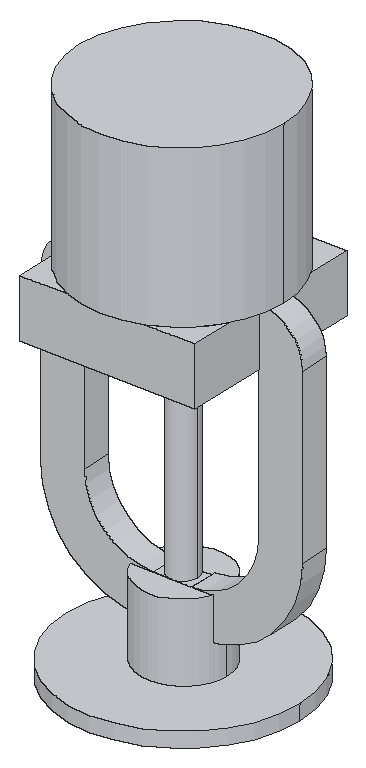
Revit family
Parameters (values of type "RASCO F1FR56-300 PENDENT")
  Temperature Rating = 286 °F
  Response = 1
  RASCO SIN # = "RA2614"
  RASCO Part # = "F1FR56P3B3"
  Pressure Rating = "300 PSI"
  Pressure Class = 1
  Orifice Size = 1/2"
  Orifice = (empty or 0)
  Model = "F1FR56-300"
  Manufacturer = "RASCO"
  K-Factor = 5.6
  Description = "Bronze Finish"
  Coverage = (empty or 0)
Reference planes (in)
  plane 1 "Center (Front/Back)": y = 0
  plane 2: z = 0
  plane 3 "Center (Left/Right)": x = 0
Dimensions and locks (in)
  aligned and locked: plane 2 to level
Nested families (in)
  nested 1: "F1FR56P3B3" at (-0.0113, 0, 2.4375) x (-1, 0, 0) z (0, 0, -1), type "RASCO F1FR56-300 PENDENT"
Connectors (in)
  piping at (-0.0113, 0, 2.4375)
    settings: on nested 1, index 1, connector radius 115/256", flow factor 0, pipe flow 0 GPM, pressure drop 0.00 psi, fitting loss kfactor 0, connector angle 0.00°, fixture units 0, flow configuration 0, flow direction 0, fitting loss method 0, system type 7, connector reference index -1, connector utility 0, adjustable connector no, is connector primary yes, fitting loss table "", connector description ""
Definition of nested family "F1FR56P3B3"
  Parameters (values of type "RASCO F1FR56-300 PENDENT")
    Type Comments = ""
    Temperature Rating = 0 °F
    Response = (empty or 0)
    Pressure Rating = "0"
    Pressure Class = (empty or 0)
    Orifice Size = 0"
    Orifice = (empty or 0)
    Model = ""
    Manufacturer = ""
    K-Factor = 0
    Description = ""
    Coverage = (empty or 0)
    Assembly Code = ""
  Reference planes (in)
    plane 1 "Center (Front/Back)": y = 0
    plane 2: z = 0
    plane 3 "ref.2": z = 0.6875
    plane 4 "ref.3": z = 0.9375
    plane 5: x = -0.38065
    plane 6: x = 0.36935
    plane 7 "ref. side 1": y = 0.06402
    plane 8 "ref. side 2": y = -0.06098
    plane 9 "ref.4": z = 1.875
    plane 10 "ref.5": z = 2.3125
    plane 11 "ref.6": z = 2.4375
  Forms (in)
    Extrusion 1, solid
      sketch origin (0, 0, 0) x (1, 0, 0) y (0, 1, 0)
        loop
          circle (0, 0) r 0.4379
      from 0 to 0.6875
    Extrusion 2, solid
      sketch origin (-0.12185, 0.05177, 0.6875) x (1, 0, 0) y (0, 1, 0)
        loop
          line (-0.2588, 0.356) -> (-0.2588, -0.4565) -> (0.4912, -0.4565) -> (0.4912, 0.356) -> (-0.2588, 0.356)
      from 0 to 0.25
    Extrusion 3, solid
      sketch origin (0, 0, 0) x (1, 0, 0) y (0, 0, 1)
        loop
          line (-0.38065, 0.68754) -> (-0.38065, 1.58397)
          arc (-0.38065, 1.58397) -> (-0.29541, 1.78976) -> (-0.08962, 1.875) r 0.29103
          line (-0.08962, 1.875) -> (0.07524, 1.875)
          arc (0.07524, 1.875) -> (0.28321, 1.78886) -> (0.36935, 1.58089) r 0.29411
          line (0.36935, 1.58089) -> (0.36935, 0.68751)
          arc (0.36935, 0.68751) -> (0.50207, 0.74393) -> (0.55685, 0.87734) r 0.18984
          line (0.55685, 0.87734) -> (0.55685, 1.61676)
          arc (0.55685, 1.61676) -> (0.42629, 1.93194) -> (0.11111, 2.0625) r 0.44574
          line (0.11111, 2.0625) -> (-0.12259, 2.0625)
          arc (-0.12259, 2.0625) -> (-0.43765, 1.932) -> (-0.56815, 1.61694) r 0.44556
          line (-0.56815, 1.61694) -> (-0.56815, 0.87876)
          arc (-0.56815, 0.87876) -> (-0.51345, 0.74486) -> (-0.38065, 0.68754) r 0.19126
      from -0.06402 to 0.06098
    Extrusion 4, solid
      sketch origin (0, 0, 0.9375) x (-1, 0, 0) y (0, -1, 0)
        loop
          circle (0.00574, -0.00152) r 0.0625
      from 0 to 0.9375
    Extrusion 5, solid
      sketch origin (0, 0, 1.875) x (-1, 0, 0) y (0, -1, 0)
        loop
          circle (0.00574, -0.00152) r 0.1875
      from 0 to 0.4375
    Extrusion 6, solid
      sketch origin (0, 0, 2.3125) x (0, -1, 0) y (1, 0, 0)
        loop
          circle (-0.00152, -0.00574) r 0.5
      from -0.10531 to -0.03987
  Cuts and joins
    joined: Extrusion 1, Extrusion 2, Extrusion 4
  Lines and regions (in)
    model lines
      curve 1: line (-0.00574, 0.06402, 1.875) -> (-0.00574, -0.06098, 1.875)
